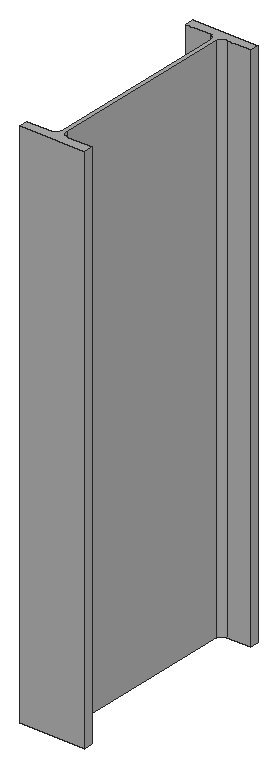
Revit family "Steel Column Wide Flange", category Structural Columns, Revit 2015
Parameters (values of type "HE1000M")
  W = 3.4196
  Structural Material [instance] = Steel
  Assembly Code = ""
  bf = 302 mm
  d = 1008 mm
  k = 70 mm
  kr = k - tf  # 30 mm
  tf = 40 mm
  tw = 21 mm
  A = 0.0444206 m²
Reference planes
  plane 1: y = 0
  plane 2: z = 0
  plane 3: x = 0
  plane 4: x = -151
  plane 5: x = 151
  plane 6: y = 504
  plane 7: y = -504
  plane 8: x = -3.969
  plane 9: x = 3.969
Forms (mm)
  Extrusion 1, solid, material "Steel" <- "Structural Material", detail levels medium
    sketch origin (0, 0, 0) x (1, 0, 0) y (0, 1, 0)
      loop
        line (-151, 504) -> (-151, 464) -> (-10.5, 464) -> (-10.5, -464) -> (-151, -464) -> (-151, -504) -> (151, -504) -> (151, -464) -> (10.5, -464) -> (10.5, 464) -> (151, 464) -> (151, 504) -> (-151, 504)
    from 0 to 2500
  Extrusion 2, solid, material "Steel" <- "Structural Material", detail levels fine
    sketch origin (0, 0, 0) x (1, 0, 0) y (0, 1, 0)
      loop
        line (-151, 504) -> (-151, 464) -> (-40.5, 464)
        arc (-40.5, 464) -> (-19.287, 455.213) -> (-10.5, 434) r 30
        line (-10.5, 434) -> (-10.5, -434)
        arc (-10.5, -434) -> (-19.287, -455.213) -> (-40.5, -464) r 30
        line (-40.5, -464) -> (-151, -464) -> (-151, -504) -> (151, -504) -> (151, -464) -> (40.5, -464)
        arc (40.5, -464) -> (19.287, -455.213) -> (10.5, -434) r 30
        line (10.5, -434) -> (10.5, 434)
        arc (10.5, 434) -> (19.287, 455.213) -> (40.5, 464) r 30
        line (40.5, 464) -> (151, 464) -> (151, 504) -> (-151, 504)
    from 0 to 2500
Lines and regions (mm)
  symbolic lines, style "StructuralColumnStickSymbols", detail levels coarse
    curve 1: line (-151, 504, 0) -> (151, 504, 0)
    curve 2: line (-151, -504, 0) -> (151, -504, 0)
    curve 3: line (0, 504, 0) -> (0, -504, 0)
  symbolic lines, style "Hidden Faces", detail levels medium+fine
    curve 4: line (-10.5, 0, 0) -> (-10.5, 0, 2500)
    curve 5: line (10.5, 0, 2500) -> (10.5, 0, 0)
Dimensions and locks
  equal spacing: plane 4, plane 3, plane 5
  equal spacing: plane 7, plane 1, plane 6
  "d": plane 7 to plane 6
  "bf": plane 4 to plane 5
  "tf": plane 7 to Extrusion 1 sketch curve
  "tf": Extrusion 1 sketch curve to plane 6
  equal spacing: Extrusion 1 sketch curve, plane 3, Extrusion 1 sketch curve
  "tw": Extrusion 1 sketch curve to Extrusion 1 sketch curve
  "kr": radius of Extrusion 2 sketch curve  (x4)
  aligned and locked: plane 6 to Extrusion 1 sketch curve
  aligned and locked: Extrusion 1 sketch curve to plane 7
  aligned and locked: plane 4 to Extrusion 1 sketch curve
  aligned and locked: Extrusion 1 sketch curve to plane 4
  aligned and locked: plane 5 to Extrusion 1 sketch curve
  aligned and locked: Extrusion 1 sketch curve to plane 5
  aligned and locked: Extrusion 1 sketch curve to Extrusion 1 sketch curve  (x2)
  aligned and locked: level to Extrusion 1
  aligned and locked: level to plane 2
  aligned and locked: Extrusion 1 to plane 2
  aligned and locked: plane 6 to Extrusion 2 sketch curve
  aligned and locked: Extrusion 2 sketch curve to plane 5
  aligned and locked: plane 4 to Extrusion 2 sketch curve
  aligned and locked: Extrusion 2 sketch curve to Extrusion 1  (x6)
  aligned and locked: Extrusion 2 sketch curve to plane 7
  aligned and locked: plane 5 to Extrusion 2 sketch curve
  aligned and locked: Extrusion 2 sketch curve to plane 4
  aligned and locked: level to Extrusion 2
  aligned and locked: Extrusion 2 to level
  aligned and locked: level to curve 5  (x2)
  aligned and locked: level to curve 4  (x2)
  aligned and locked: curve 4 to Extrusion 1
  aligned and locked: curve 5 to Extrusion 1
Automatic sketch dimensions
  curve 2 to plane 4 = 0 mm
  curve 1 to plane 4 = 0 mm
  curve 3 to plane 3 = 0 mm
  curve 2 to plane 5 = 0 mm
  curve 1 to plane 5 = 0 mm
  curve 3 to plane 7 = 0 mm
  curve 3 to plane 6 = 0 mm
Types in the file's own list only (71): name | W | bf | d | k | kr | tf | tw | A
  HE100A | 0.16348 | 100 mm | 96 mm | 20 mm | 12 mm | 8 mm | 5 mm | 0.00 m²
  HE120A | 0.195043 | 120 mm | 114 mm | 20 mm | 12 mm | 8 mm | 5 mm | 0.00 m²
  HE140A | 0.241848 | 140 mm | 133 mm | 21 mm | 12 mm | 9 mm | 6 mm | 0.00 m²
  HE160A | 0.298471 | 160 mm | 152 mm | 24 mm | 15 mm | 9 mm | 6 mm | 0.00 m²
  HE180A | 0.348356 | 180 mm | 171 mm | 25 mm | 15 mm | 10 mm | 6 mm | 0.00 m²
  HE200A | 0.414405 | 200 mm | 190 mm | 28 mm | 18 mm | 10 mm | 7 mm | 0.01 m²
  HE220A | 0.495313 | 220 mm | 210 mm | 29 mm | 18 mm | 11 mm | 7 mm | 0.01 m²
  HE240A | 0.591497 | 240 mm | 230 mm | 33 mm | 21 mm | 12 mm | 8 mm | 0.01 m²
  HE260A | 0.668356 | 260 mm | 250 mm | 37 mm | 24 mm | 13 mm | 8 mm | 0.01 m²
  HE280A | 0.748763 | 280 mm | 270 mm | 37 mm | 24 mm | 13 mm | 8 mm | 0.01 m²
  HE300A | 0.866264 | 300 mm | 290 mm | 41 mm | 27 mm | 14 mm | 9 mm | 0.01 m²
  HE320A | 0.95741 | 300 mm | 310 mm | 43 mm | 27 mm | 16 mm | 9 mm | 0.01 m²
  HE340A | 1.027502 | 300 mm | 330 mm | 44 mm | 27 mm | 17 mm | 10 mm | 0.01 m²
  HE360A | 1.098982 | 300 mm | 350 mm | 45 mm | 27 mm | 18 mm | 10 mm | 0.01 m²
  HE400A | 1.22385 | 300 mm | 390 mm | 46 mm | 27 mm | 19 mm | 11 mm | 0.02 m²
  HE450A | 1.370499 | 300 mm | 440 mm | 48 mm | 27 mm | 21 mm | 12 mm | 0.02 m²
  HE500A | 1.520688 | 300 mm | 490 mm | 50 mm | 27 mm | 23 mm | 12 mm | 0.02 m²
  HE550A | 1.630159 | 300 mm | 540 mm | 51 mm | 27 mm | 24 mm | 13 mm | 0.02 m²
  HE600A | 1.743318 | 300 mm | 590 mm | 52 mm | 27 mm | 25 mm | 13 mm | 0.02 m²
  HE650A | 1.860184 | 300 mm | 640 mm | 53 mm | 27 mm | 26 mm | 14 mm | 0.02 m²
  HE700A | 2.005215 | 300 mm | 690 mm | 54 mm | 27 mm | 27 mm | 15 mm | 0.03 m²
  HE800A | 2.200347 | 300 mm | 790 mm | 58 mm | 30 mm | 28 mm | 15 mm | 0.03 m²
  HE900A | 2.467481 | 300 mm | 890 mm | 60 mm | 30 mm | 30 mm | 16 mm | 0.03 m²
  HE1000A | 2.670096 | 300 mm | 990 mm | 61 mm | 30 mm | 31 mm | 17 mm | 0.03 m²
  HE100B | 0.200154 | 100 mm | 100 mm | 22 mm | 12 mm | 10 mm | 6 mm | 0.00 m²
  HE120B | 0.261739 | 120 mm | 120 mm | 23 mm | 12 mm | 11 mm | 7 mm | 0.00 m²
  HE140B | 0.331073 | 140 mm | 140 mm | 24 mm | 12 mm | 12 mm | 7 mm | 0.00 m²
  HE160B | 0.418057 | 160 mm | 160 mm | 28 mm | 15 mm | 13 mm | 8 mm | 0.01 m²
  HE180B | 0.502689 | 180 mm | 180 mm | 29 mm | 15 mm | 14 mm | 9 mm | 0.01 m²
  HE200B | 0.601246 | 200 mm | 200 mm | 33 mm | 18 mm | 15 mm | 9 mm | 0.01 m²
  HE220B | 0.700587 | 220 mm | 220 mm | 34 mm | 18 mm | 16 mm | 10 mm | 0.01 m²
  HE240B | 0.816011 | 240 mm | 240 mm | 38 mm | 21 mm | 17 mm | 10 mm | 0.01 m²
  HE260B | 0.90839 | 260 mm | 260 mm | 42 mm | 24 mm | 18 mm | 10 mm | 0.01 m²
  HE280B | 1.008516 | 280 mm | 280 mm | 42 mm | 24 mm | 18 mm | 11 mm | 0.01 m²
  HE300B | 1.146986 | 300 mm | 300 mm | 46 mm | 27 mm | 19 mm | 11 mm | 0.01 m²
  HE320B | 1.239364 | 300 mm | 320 mm | 48 mm | 27 mm | 21 mm | 12 mm | 0.02 m²
  HE340B | 1.316445 | 300 mm | 340 mm | 49 mm | 27 mm | 22 mm | 12 mm | 0.02 m²
  HE360B | 1.393329 | 300 mm | 360 mm | 50 mm | 27 mm | 23 mm | 13 mm | 0.02 m²
  HE400B | 1.524248 | 300 mm | 400 mm | 51 mm | 27 mm | 24 mm | 14 mm | 0.02 m²
  HE450B | 1.678212 | 300 mm | 450 mm | 53 mm | 27 mm | 26 mm | 14 mm | 0.02 m²
  HE500B | 1.839924 | 300 mm | 500 mm | 55 mm | 27 mm | 28 mm | 15 mm | 0.02 m²
  HE550B | 1.955348 | 300 mm | 550 mm | 56 mm | 27 mm | 29 mm | 15 mm | 0.03 m²
  HE600B | 2.078519 | 300 mm | 600 mm | 57 mm | 27 mm | 30 mm | 16 mm | 0.03 m²
  HE650B | 2.201691 | 300 mm | 650 mm | 58 mm | 27 mm | 31 mm | 16 mm | 0.03 m²
  HE700B | 2.355655 | 300 mm | 700 mm | 59 mm | 27 mm | 32 mm | 17 mm | 0.03 m²
  HE800B | 2.571206 | 300 mm | 800 mm | 63 mm | 30 mm | 33 mm | 18 mm | 0.03 m²
  HE900B | 2.856089 | 300 mm | 900 mm | 65 mm | 30 mm | 35 mm | 19 mm | 0.04 m²
  HE1000B | 3.079288 | 300 mm | 1000 mm | 66 mm | 30 mm | 36 mm | 19 mm | 0.04 m²
  HE100M | 0.409823 | 106 mm | 120 mm | 32 mm | 12 mm | 20 mm | 12 mm | 0.01 m²
  HE120M | 0.511209 | 126 mm | 140 mm | 33 mm | 12 mm | 21 mm | 13 mm | 0.01 m²
  HE140M | 0.620138 | 146 mm | 160 mm | 34 mm | 12 mm | 22 mm | 13 mm | 0.01 m²
  HE160M | 0.747124 | 166 mm | 180 mm | 38 mm | 15 mm | 23 mm | 14 mm | 0.01 m²
  HE180M | 0.871835 | 186 mm | 200 mm | 39 mm | 15 mm | 24 mm | 15 mm | 0.01 m²
  HE200M | 1.010634 | 206 mm | 220 mm | 43 mm | 18 mm | 25 mm | 15 mm | 0.01 m²
  HE220M | 1.150428 | 226 mm | 240 mm | 44 mm | 18 mm | 26 mm | 16 mm | 0.01 m²
  HE240M | 1.536457 | 248 mm | 270 mm | 53 mm | 21 mm | 32 mm | 18 mm | 0.02 m²
  HE260M | 1.690872 | 268 mm | 290 mm | 57 mm | 24 mm | 33 mm | 18 mm | 0.02 m²
  HE280M | 1.848838 | 288 mm | 310 mm | 57 mm | 24 mm | 33 mm | 19 mm | 0.02 m²
  HE300M | 2.333159 | 310 mm | 340 mm | 66 mm | 27 mm | 39 mm | 21 mm | 0.03 m²
  HE320M | 2.402217 | 309 mm | 359 mm | 67 mm | 27 mm | 40 mm | 21 mm | 0.03 m²
  HE340M | 2.431314 | 309 mm | 377 mm | 67 mm | 27 mm | 40 mm | 21 mm | 0.03 m²
  HE360M | 2.454251 | 308 mm | 395 mm | 67 mm | 27 mm | 40 mm | 21 mm | 0.03 m²
  HE400M | 2.507913 | 307 mm | 432 mm | 67 mm | 27 mm | 40 mm | 21 mm | 0.03 m²
  HE450M | 2.582277 | 307 mm | 478 mm | 67 mm | 27 mm | 40 mm | 21 mm | 0.03 m²
  HE500M | 2.650483 | 306 mm | 524 mm | 67 mm | 27 mm | 40 mm | 21 mm | 0.03 m²
  HE550M | 2.728083 | 306 mm | 572 mm | 67 mm | 27 mm | 40 mm | 21 mm | 0.04 m²
  HE600M | 2.799514 | 305 mm | 620 mm | 67 mm | 27 mm | 40 mm | 21 mm | 0.04 m²
  HE650M | 2.877114 | 305 mm | 668 mm | 67 mm | 27 mm | 40 mm | 21 mm | 0.04 m²
  HE700M | 2.948556 | 304 mm | 716 mm | 67 mm | 27 mm | 40 mm | 21 mm | 0.04 m²
  HE800M | 3.112131 | 303 mm | 814 mm | 70 mm | 30 mm | 40 mm | 21 mm | 0.04 m²
  HE900M | 3.261162 | 302 mm | 910 mm | 70 mm | 30 mm | 40 mm | 21 mm | 0.04 m²
